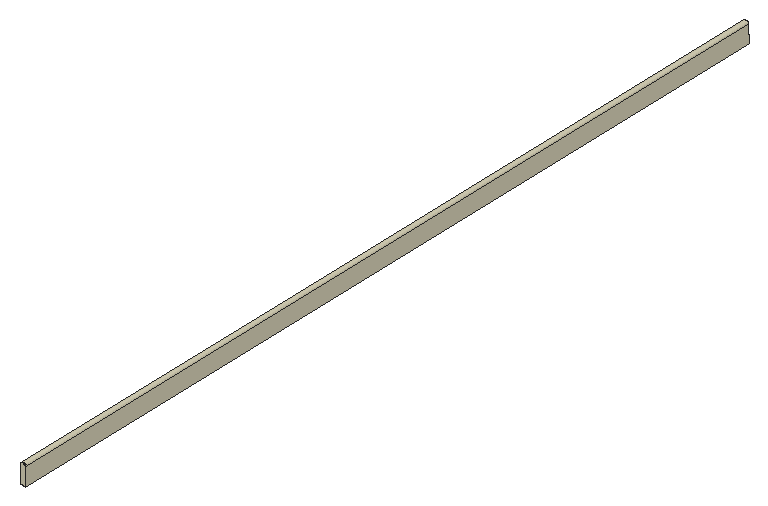
Revit family "COH", category Specialty Equipment, host Face, Revit 2019
Family settings
  Host = Face
  Round Connector Dimension = Use Diameter
  Part Type = Normal
  Cut with Voids When Loaded = No
  Shared = No
  Room Calculation Point = No
Parameters (values of type "COH - .5 inches")
  Width = 0' - 0 1/2"
  URL = "http://www.emseal.com/"
  Type Image = COH.png
  Triple Bellow = no
  Tensile Strength (ASTM D3574) = "21 psi min; 145 kPa"
  Temperature Range (ASTM C711) = "185°F (85°C) to -40°F (-40°C)"
  Staining (ASTM C510) = "None"
  Single Bellow = yes
  Seal Material Note = "DSM is coated on the top traffic side with standard Sikasil WS-295 water-resistant traffic-grade silicone"
  Seal Material [instance] = Silicone - Sikasil WS-295 Beige
  Rate of Air Leakage (ASTM E283) = "Passed"
  R Value Range (ASTM C518) = "2.1 per 1-inch (25mm) depth"
  Quint Bellow = no
  Quad Bellow = no
  Product Page URL = "https://www.emseal.com/product/dsm-system-watertight-expansion-joint/"
  Product Documentation URL = "https://bit.ly/2UksQP1"
  Pick Resistance = no
  Movement (of Nominal Material Size) = "+50% / -50%"
  Model = "Horizontal Colorseal"
  Manufacturer = "EMSEAL Joint Systems Ltd"
  Length [instance] = 6' - 6 23/32"
  Durometer Hardness of Silicone Coating (ASTM D2240) = "Shore A: 25"
  Description = "Watertight horzontal-application expansion joint for light-traffic locations."
  Depth = 0' - 1 3/4"
  Default Elevation = 0' - 0"
  Calc Width Triple [instance] = if(or(Width > 0' 3 131/256", Width < 0' 1 125/256"), 0' 1 1/2", Width)  # 0' - 1 1/2"
  Calc Width Single [instance] = if(Width > 0' 1 67/256", 0' 1 67/256", Width)  # 0' - 0 1/2"
  Calc Width Quint [instance] = if(or(Width > 0' 8 3/256", Width < 0' 4 71/256"), 0' 4 71/256", Width)  # 0' - 4 71/256"
  Calc Width Quad [instance] = if(or(Width > 0' 4 3/256", Width < 0' 3 131/256"), 0' 3 131/256", Width)  # 0' - 3 131/256"
  Quint Bellow Radius [instance] = Calc Width Quint / 10  # 0' - 0.42773"
  Bellow Depth [instance] = Depth - Quint Bellow Radius  # 0' - 1.32227"
  Assembly Code = "C3020200"
  ABAA Compliance = yes
Reference planes (in)
  plane 1 "Center (Front/Back)": y = 0
  plane 2: z = 0
  plane 3 "Center (Left/Right)": x = 0
  plane 4 "Width 1": x = -0.25
  plane 5 "Width 2": x = 0.25
  plane 6: y = 39.35937
  plane 7: y = -39.35938
  plane 8: z = -1.75
  plane 9 "Quad Width 1": x = -1.75586
  plane 10: x = -0.87793
  plane 11: x = 0.87793
  plane 12 "Quad Width 2": x = 1.75586
  plane 13 "Triple Width 1": x = -0.75
  plane 14 "Triple Width 2": x = 0.75
  plane 15: x = 0.25
  plane 16: x = -0.25
  plane 17 "Single Width 1": x = -0.25
  plane 18 "Single Width 2": x = 0.25
  plane 19 "Expansion Line": z = 0.03125
  plane 20: x = -2.13867
  plane 21: x = 2.13867
  plane 22: x = -1.2832
  plane 23: x = -0.42773
  plane 24: x = 0.42773
  plane 25: x = 1.2832
  plane 26: z = -0.42773
Forms (in)
  Extrusion 1, void
    sketch origin (0, 0, 0) x (1, 0, 0) y (0, 1, 0)
      loop
        line (-0.25, -39.35938) -> (0.25, -39.35938) -> (0.25, 39.35937) -> (-0.25, 39.35937) -> (-0.25, -39.35938)
    from 0 to -30
  Extrusion 2, solid, detail levels coarse
    sketch origin (0, 0, 0) x (1, 0, 0) y (0, 1, 0)
      loop
        line (-0.25, 39.35937) -> (-0.25, -39.35938) -> (0.25, -39.35938) -> (0.25, 39.35937) -> (-0.25, 39.35937)
    from 0 to -1.75
  Extrusion 3, solid, material "Silicone - Sikasil WS-295 Beige" <- "Seal Material", visible <- "Quad Bellow"
    sketch origin (0, 0, 0) x (1, 0, 0) y (0, 0, 1)
      loop
        line (-1.75586, -1.75) -> (1.75586, -1.75) -> (1.75586, -0.43896)
        arc (1.75586, -0.43896) -> (1.31689, 0) -> (0.87793, -0.43896) r 0.43896
        arc (0.87793, -0.43896) -> (0.43896, 0) -> (0, -0.43896) r 0.43896
        arc (0, -0.43896) -> (-0.43896, 0) -> (-0.87793, -0.43896) r 0.43896
        arc (-0.87793, -0.43896) -> (-1.31689, 0) -> (-1.75586, -0.43896) r 0.43896
        line (-1.75586, -0.43896) -> (-1.75586, -1.75)
    from 39.35938 to -39.35937
  Extrusion 4, solid, material "Silicone - Sikasil WS-295 Beige" <- "Seal Material", visible <- "Triple Bellow"
    sketch origin (0, 0, 0) x (1, 0, 0) y (0, 0, 1)
      loop
        line (-0.75, -1.75) -> (0.75, -1.75) -> (0.75, -0.25)
        arc (0.75, -0.25) -> (0.5, 0) -> (0.25, -0.25) r 0.25
        arc (0.25, -0.25) -> (0, 0) -> (-0.25, -0.25) r 0.25
        arc (-0.25, -0.25) -> (-0.5, 0) -> (-0.75, -0.25) r 0.25
        line (-0.75, -0.25) -> (-0.75, -1.75)
    from 39.35938 to -39.35937
  Extrusion 5, solid, material "Silicone - Sikasil WS-295 Beige" <- "Seal Material", visible <- "Single Bellow"
    sketch origin (0, 0, 0) x (1, 0, 0) y (0, 0, 1)
      loop
        line (-0.25, -1.75) -> (0.25, -1.75) -> (0.25, -0.25)
        arc (0.25, -0.25) -> (0, 0) -> (-0.25, -0.25) r 0.25
        line (-0.25, -0.25) -> (-0.25, -1.75)
    from 39.35938 to -39.35937
  Extrusion 6, solid, material "Silicone - Sikasil WS-295 Beige" <- "Seal Material", visible <- "Quint Bellow"
    sketch origin (0, 0, 0) x (1, 0, 0) y (0, 0, 1)
      loop
        line (-2.13867, -1.75) -> (2.13867, -1.75) -> (2.13867, -0.42773)
        arc (2.13867, -0.42773) -> (1.71094, 0) -> (1.2832, -0.42773) r 0.42773
        arc (1.2832, -0.42773) -> (0.85547, 0) -> (0.42773, -0.42773) r 0.42773
        arc (0.42773, -0.42773) -> (0, 0) -> (-0.42773, -0.42773) r 0.42773
        arc (-0.42773, -0.42773) -> (-0.85547, 0) -> (-1.2832, -0.42773) r 0.42773
        arc (-1.2832, -0.42773) -> (-1.71094, 0) -> (-2.13867, -0.42773) r 0.42773
        line (-2.13867, -0.42773) -> (-2.13867, -1.75)
    from 39.35938 to -39.35937
Lines and regions (in)
  model lines, style "Expansion Graphic"
    curve 1: line (0, 39.35937, 0.03125) -> (0, -39.35938, 0.03125)
Dimensions and locks (in)
  "Width": plane 4 "Width 1" to plane 5 "Width 2"
  equal spacing: plane 4 "Width 1", plane 3 "Center (Left/Right)", plane 5 "Width 2"
  equal spacing: plane 6, plane 1 "Center (Front/Back)", plane 7
  "Length": plane 6 to plane 7
  "Depth": plane 2 to plane 8
  equal spacing: plane 12 "Quad Width 2", plane 11, plane 3 "Center (Left/Right)", plane 10, plane 9 "Quad Width 1"
  "Calc Width Quad": plane 12 "Quad Width 2" to plane 9 "Quad Width 1"
  locked: plane 2 to Extrusion 3 sketch curve at 0
  equal spacing: plane 13 "Triple Width 1", plane 16, plane 15, plane 14 "Triple Width 2"
  "Calc Width Triple": plane 13 "Triple Width 1" to plane 14 "Triple Width 2"
  equal spacing: plane 13 "Triple Width 1", plane 3 "Center (Left/Right)", plane 14 "Triple Width 2"
  locked: plane 2 to Extrusion 4 sketch curve at 0
  equal spacing: plane 17 "Single Width 1", plane 3 "Center (Left/Right)", plane 18 "Single Width 2"
  "Calc Width Single": plane 17 "Single Width 1" to plane 18 "Single Width 2"
  locked: plane 2 to Extrusion 5 sketch curve at 0
  locked: plane 19 "Expansion Line" to level at 0.03125
  level to Extrusion 3 = 0' - 1 3/4"
  equal spacing: plane 21, plane 3 "Center (Left/Right)", plane 20
  "Calc Width Quint": plane 21 to plane 20
  equal spacing: plane 21, plane 25, plane 24, plane 23, plane 22, plane 20
  "Bellow Depth": plane 26 to plane 8
  aligned and locked: plane 2 to host face
  aligned and locked: level to host face
  aligned and locked: Extrusion 1 sketch curve to plane 7
  aligned and locked: Extrusion 1 sketch curve to plane 4 "Width 1"
  aligned and locked: plane 6 to Extrusion 1 sketch curve
  aligned and locked: plane 5 "Width 2" to Extrusion 1 sketch curve
  aligned and locked: Extrusion 2 sketch curve to plane 6
  aligned and locked: plane 4 "Width 1" to Extrusion 2 sketch curve
  aligned and locked: plane 7 to Extrusion 2 sketch curve
  aligned and locked: Extrusion 2 sketch curve to plane 5 "Width 2"
  aligned and locked: Extrusion 2 to plane 8
  aligned and locked: level to Extrusion 2
  aligned and locked: Extrusion 3 sketch curve to plane 9 "Quad Width 1"
  aligned and locked: plane 12 "Quad Width 2" to Extrusion 3 sketch curve
  aligned and locked: Extrusion 3 sketch curve to plane 8
  aligned and locked: plane 6 to Extrusion 3
  aligned and locked: Extrusion 3 to plane 7
  aligned and locked: plane 13 "Triple Width 1" to Extrusion 4 sketch curve
  aligned and locked: Extrusion 4 sketch curve to plane 14 "Triple Width 2"
  aligned and locked: Extrusion 4 sketch curve to plane 8
  aligned and locked: Extrusion 4 to plane 7
  aligned and locked: plane 6 to Extrusion 4
  aligned and locked: plane 17 "Single Width 1" to Extrusion 5 sketch curve
  aligned and locked: Extrusion 5 sketch curve to plane 18 "Single Width 2"
  aligned and locked: Extrusion 5 sketch curve to plane 8
  aligned and locked: Extrusion 5 to plane 7
  aligned and locked: plane 6 to Extrusion 5
  aligned and locked: curve 1 to plane 3 "Center (Left/Right)"
  aligned and locked: plane 6 to curve 1
  aligned and locked: plane 7 to curve 1
  aligned and locked: Extrusion 6 sketch curve to plane 8
  aligned and locked: plane 6 to Extrusion 6
  aligned and locked: Extrusion 6 to plane 7
  aligned and locked: plane 26 to Extrusion 6 sketch curve  (x9)
  aligned and locked: plane 21 to Extrusion 6 sketch curve
  aligned and locked: plane 22 to Extrusion 6 sketch curve  (x2)
  aligned and locked: plane 25 to Extrusion 6 sketch curve
  aligned and locked: plane 24 to Extrusion 6 sketch curve
  aligned and locked: Extrusion 6 sketch curve to plane 20
Automatic sketch dimensions
  host sketch curve to host sketch curve = 8' - 0"  (x2)
  Extrusion 3 sketch curve to plane 10 = 0' - 0"  (x2)
  Extrusion 3 sketch curve to plane 3 "Center (Left/Right)" = 0' - 0"  (x2)
  Extrusion 3 sketch curve to plane 11 = 0' - 0"  (x2)
  plane 16 to Extrusion 4 sketch curve = 0' - 0"  (x2)
  Extrusion 4 sketch curve to plane 3 "Center (Left/Right)" = 0' - 0"
  plane 15 to Extrusion 4 sketch curve = 0' - 0"
  Extrusion 6 sketch curve to plane 23 = 0' - 0"  (x2)
  Extrusion 6 sketch curve to plane 24 = 0' - 0"
  Extrusion 6 sketch curve to plane 25 = 0' - 0"
Types in the file's own list only (26): name | Width | Triple Bellow | Single Bellow | Quint Bellow | Quad Bellow | Depth | Default Elevation
  COH - .75 inches | 3/4" | No | Yes | No | No | 1 3/4" | 0"
  COH - 1 inches | 1" | No | Yes | No | No | 1 3/4" | 0"
  COH - 1.25 inches | 1 1/4" | No | Yes | No | No | 1 3/4" | 0"
  COH - 1.5 inches | 1 1/2" | Yes | No | No | No | 2 1/4" | 0"
  COH - 1.75 inches | 1 3/4" | Yes | No | No | No | 2 1/2" | 0"
  COH - 2 inches | 2" | Yes | No | No | No | 2 1/2" | 0"
  COH - 2.25 inches | 2 1/2" | Yes | No | No | No | 2 1/2" | 0"
  COH - 2.5inches | 2 1/2" | Yes | No | No | No | 2 3/4" | 0"
  COH - 2.75 inches | 2 3/4" | Yes | No | No | No | 3" | 0"
  COH - 3 inches | 3" | Yes | No | No | No | 3 1/2" | 0"
  COH - 3.25 inches | 3 1/4" | No | No | No | Yes | 3 3/4" | 0"
  COH - 3.5 inches | 3 1/2" | No | No | No | Yes | 3 3/4" | 0"
  COH - 3.75 inches | 3 3/4" | No | No | No | Yes | 4 1/4" | 0"
  COH - 4 inches | 4" | No | No | No | Yes | 4 1/2" | 0"
  COH - 4.25 inches | 4 1/4" | No | No | Yes | No | 4 1/2" | 0"
  COH - 4.5 inches | 4 1/2" | No | No | Yes | No | 5" | 0"
  COH - 4.75 inches | 4 3/4" | No | No | Yes | No | 5 1/4" | 0"
  COH - 5 inches | 5" | No | No | Yes | No | 5 1/2" | 0"
  COH - 5.25 inches | 5 1/4" | No | No | Yes | No | 5 3/4" | 0"
  COH - 5.5 inches | 5 1/2" | No | No | Yes | No | 5 3/4" | 0"
  COH - 5.75 inches | 5 3/4" | No | No | Yes | No | 5 3/4" | 0"
  COH - 6 inches | 6" | No | No | Yes | No | 6" | 0"
  COH - 6.5 inches | 6 1/2" | No | No | Yes | No | 6 1/2" | 0"
  COH - 7 inches | 7" | No | No | Yes | No | 7" | 0"
  COH - 7.5 inches | 7 1/2" | No | No | Yes | No | 7 1/2" | 0"
  COH - 8 inches | 8" | No | No | Yes | No | 8" | 0"
